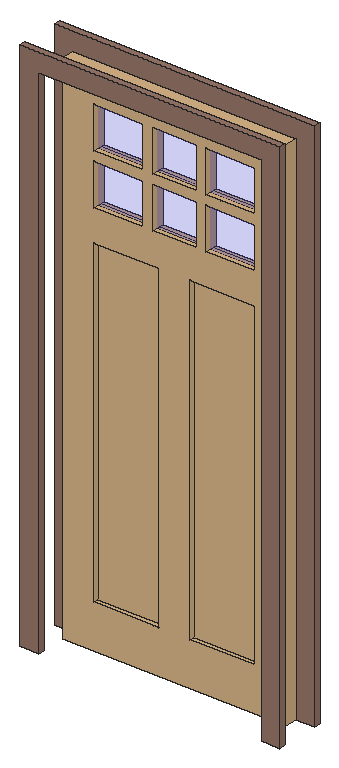
Revit family "0050_M_DR_W_single-entry 3", category 문, Revit 2026
Family settings
  호스트 = 벽
  항상 수직 = 예
  로드될 때 보이드를 사용하여 절단 = 아니오
  공유 = 아니오
  룸 계산 점 = 아니오
Parameters (values of type "36" x 84"")
  기능 = 내부
  Top Panel = 1' - 3"
  두께 = 0' - 2"
  Rail - Top = 0' - 5"
  Rail - Center = 0' - 5"
  Rail - Bottom = 0' - 7"
  조합 코드 = "C1020"
  Door Finish = Door - Panel
  Frame Finish = Door - Frame
  Height = 7' - 0"
  Muntin = 0' - 1 1/2"
  Stile Width = 0' - 5"
  Trim Projection Ext = 0' - 1"
  Trim Projection Int = 0' - 1"
  Trim Width = 0' - 3"
  벽 마무리 = 호스트별
  Width = 3' - 0"
Types (8): name | Top Panel | 두께 | Rail - Top | Rail - Center | Rail - Bottom | 조합 코드 | Height | Muntin | Stile Width | Trim Projection Ext | Trim Projection Int | Trim Width | Width
  36" x 84" | 1' - 3" | 0' - 2" | 0' - 5" | 0' - 5" | 0' - 7" | "C1020" | 7' - 0" | 0' - 1 1/2" | 0' - 5" | 0' - 1" | 0' - 1" | 0' - 3" | 3' - 0"
  34" x 84" | 1' - 3" | 0' - 2" | 0' - 5" | 0' - 5" | 0' - 7" | "C1020" | 7' - 0" | 0' - 1 1/2" | 0' - 5" | 0' - 1" | 0' - 1" | 0' - 3" | 2' - 10"
  32" x 84" | 1' - 3" | 0' - 2" | 0' - 5" | 0' - 5" | 0' - 7" | "C1020" | 7' - 0" | 0' - 1 1/2" | 0' - 5" | 0' - 1" | 0' - 1" | 0' - 3" | 2' - 8"
  30" x 84" | 1' - 3" | 0' - 2" | 0' - 5" | 0' - 5" | 0' - 7" | "C1020" | 7' - 0" | 0' - 1 1/2" | 0' - 5" | 0' - 1" | 0' - 1" | 0' - 3" | 2' - 6"
  30" x 80" | 1' - 3" | 0' - 2" | 0' - 5" | 0' - 5" | 0' - 7" | "C1020" | 6' - 8" | 0' - 1 1/2" | 0' - 5" | 0' - 1" | 0' - 1" | 0' - 3" | 2' - 6"
  36" x 80" | 1' - 3" | 0' - 2" | 0' - 5" | 0' - 5" | 0' - 7" | "C1020" | 6' - 8" | 0' - 1 1/2" | 0' - 5" | 0' - 1" | 0' - 1" | 0' - 3" | 3' - 0"
  34" x 80" | 1' - 3" | 0' - 2" | 0' - 5" | 0' - 5" | 0' - 7" | "C1020" | 6' - 8" | 0' - 1 1/2" | 0' - 5" | 0' - 1" | 0' - 1" | 0' - 3" | 2' - 10"
  0915 x 2134mm | 1' - 2.96063" | 0' - 1.9685" | 0' - 4.92126" | 0' - 4.92126" | 0' - 6.88976" | 0' - 0" | 7' - 0.01575" | 0' - 1.37795" | 0' - 4.92126" | 0' - 0.98425" | 0' - 0.98425" | 0' - 2.95276" | 3' - 0.02362"
Reference planes (in)
  plane 1: y = 0
  plane 2: z = 0
  plane 3: x = 1
  plane 4: x = -17
  plane 5: x = 19
  plane 6: z = 84
  plane 7: x = -1.5
  plane 8: x = 3.5
  plane 9: x = -12
  plane 10: x = 14
  plane 11: z = 64
  plane 12: z = 59
  plane 13: z = 79
  plane 14: z = 7
  plane 15: z = 71.5
  plane 16: x = 5.33333
  plane 17: x = -3.33333
  plane 18: x = -4.08333
  plane 19: x = -2.58333
  plane 20: x = 4.58333
  plane 21: x = 6.08333
  plane 22: z = 72.25
  plane 23: z = 70.75
Forms (in)
  Extrusion 1, solid, material "Door - Frame" <- "Frame Finish"
    sketch origin (-60, 3.00119, 0) x (-1, 0, 0) y (0, 0, 1)
      loop
        line (-82, 87) -> (-82, 0) -> (-79, 0) -> (-79, 84) -> (-43, 84) -> (-43, 0) -> (-40, 0) -> (-40, 87) -> (-82, 87)
    from 0 to 1
  Extrusion 2, solid, material "Door - Frame" <- "Frame Finish"
    sketch origin (-60, -2.99881, 0) x (1, 0, 0) y (0, 0, 1)
      loop
        line (40, 87) -> (40, 0) -> (43, 0) -> (43, 84) -> (79, 84) -> (79, 0) -> (82, 0) -> (82, 87) -> (40, 87)
    from 0 to 1
  Extrusion 3, solid, material "Door - Panel" <- "Door Finish"
    sketch origin (0, 0.0442, 0) x (0, 0, -1) y (1, 0, 0)
      loop
        line (-59, -12) -> (-7, -12) -> (-7, -1.5) -> (-59, -1.5) -> (-59, -12)
      loop
        line (-7, 14) -> (-59, 14) -> (-59, 3.5) -> (-7, 3.5) -> (-7, 14)
    from -2.20699 to -1.75268
  Extrusion 4, solid, material "Door - Panel" <- "Door Finish"
    sketch origin (0, 0, 0) x (0, 0, -1) y (1, 0, 0)
      loop
        line (-84, -17) -> (0, -17) -> (0, 19) -> (-84, 19) -> (-84, -17)
      loop
        line (-59, -12) -> (-7, -12) -> (-7, -1.5) -> (-59, -1.5) -> (-59, -12)
      loop
        line (-7, 14) -> (-59, 14) -> (-59, 3.5) -> (-7, 3.5) -> (-7, 14)
      loop
        line (-64, 14) -> (-70.75, 14) -> (-70.75, 6.08333) -> (-64, 6.08333) -> (-64, 14)
      loop
        line (-79, 14) -> (-79, 6.08333) -> (-72.25, 6.08333) -> (-72.25, 14) -> (-79, 14)
      loop
        line (-79, -12) -> (-72.25, -12) -> (-72.25, -4.08333) -> (-79, -4.08333) -> (-79, -12)
      loop
        line (-64, -12) -> (-64, -4.08333) -> (-70.75, -4.08333) -> (-70.75, -12) -> (-64, -12)
      loop
        line (-79, -2.58333) -> (-72.25, -2.58333) -> (-72.25, 4.58333) -> (-79, 4.58333) -> (-79, -2.58333)
      loop
        line (-64, 4.58333) -> (-70.75, 4.58333) -> (-70.75, -2.58333) -> (-64, -2.58333) -> (-64, 4.58333)
    from -3.00119 to -1.00119
  Extrusion 5, solid, material "Glass"
    sketch origin (0, 0, 0) x (0, 0, -1) y (1, 0, 0)
      loop
        line (-79, -12) -> (-72.25, -12) -> (-72.25, -4.08333) -> (-79, -4.08333) -> (-79, -12)
      loop
        line (-64, -12) -> (-64, -4.08333) -> (-70.75, -4.08333) -> (-70.75, -12) -> (-64, -12)
      loop
        line (-64, 14) -> (-70.75, 14) -> (-70.75, 6.08333) -> (-64, 6.08333) -> (-64, 14)
      loop
        line (-79, 14) -> (-79, 6.08333) -> (-72.25, 6.08333) -> (-72.25, 14) -> (-79, 14)
      loop
        line (-79, -2.58333) -> (-72.25, -2.58333) -> (-72.25, 4.58333) -> (-79, 4.58333) -> (-79, -2.58333)
      loop
        line (-64, 4.58333) -> (-70.75, 4.58333) -> (-70.75, -2.58333) -> (-64, -2.58333) -> (-64, 4.58333)
    from -2.25119 to -1.79687
Lines and regions (in)
  Opening 1
    outline origin (-60, -2.99881, 144) x (0, 0, -1) y (1, 0, 0)
      loop
        line (60, 43) -> (144, 43) -> (144, 79) -> (60, 79) -> (60, 43)
  symbolic lines, style "DoorsPanelProjection"
    curve 1: line (19, 3.00119, 0) -> (17, 3.00119, 0)
    curve 2: line (19, 3.00119, 0) -> (19, 39.00119, 0)
    curve 3: line (19, 39.00119, 0) -> (17, 39.00119, 0)
    curve 4: line (17, 3.00119, 0) -> (17, 39.00119, 0)
  model lines, style "DoorsFrameMullionProjection"
    curve 5: line (-20, -2.99881, 0) -> (-20, -2.99881, 87)
    curve 6: line (-20, -2.99881, 87) -> (22, -2.99881, 87)
    curve 7: line (22, -2.99881, 87) -> (22, -2.99881, 0)
    curve 8: line (22, 3.00119, 0) -> (22, 3.00119, 87)
    curve 9: line (-20, 3.00119, 87) -> (22, 3.00119, 87)
    curve 10: line (-20, 3.00119, 87) -> (-20, 3.00119, 0)
  symbolic lines, style "Elevation Swing"
    curve 11: line (-17, -2.99881, 84) -> (19, -2.99881, 42)
    curve 12: line (19, 3.00119, 42) -> (-17, 3.00119, 0)
  symbolic lines, style "Plan Swing"
    curve 13: arc (17, 39.00119, 0) -> (-7.19266, 27.77909, 0) -> (-17.05551, 3.00119, 0) r 36.05551
Dimensions and locks (in)
  equal spacing: plane 4, plane 3, plane 5
  "Width": plane 4 to plane 5
  locked: host wall to curve 1
  control icon elem to plane 5 = 0' - 11"
  "Height": plane 6 to plane 2
  "Trim Width": plane 4 to curve 5
  "Trim Width": plane 5 to curve 7
  "Trim Width": plane 6 to curve 6
  equal spacing: plane 6, curve 11, level
  locked: curve 9 to host wall
  "Stile Width": plane 4 to plane 9
  "Stile Width": plane 10 to plane 5
  "Rail - Center": plane 11 to plane 12
  "Stile Width": plane 7 to plane 8
  "두께": curve 4 to plane 5
  "Rail - Bottom": plane 14 to host wall
  equal spacing: plane 7, plane 3, plane 8
  "Trim Projection Int": Extrusion 2 to host wall
  "Trim Projection Ext": Extrusion 1 to host wall
  "Rail - Top": plane 6 to plane 13
  "두께": Extrusion 4 to Extrusion 4
  locked: Extrusion 4 to Extrusion 3 at 0.79568
  locked: Extrusion 4 to Extrusion 3 at 0.75
  "Top Panel": plane 13 to plane 11
  equal spacing: plane 9, plane 17, plane 16, plane 10
  equal spacing: plane 13, plane 15, plane 11
  equal spacing: plane 18, plane 17, plane 19
  "Muntin": plane 18 to plane 19
  equal spacing: plane 20, plane 16, plane 21
  "Muntin": plane 20 to plane 21
  "Muntin": plane 22 to plane 23
  equal spacing: plane 22, plane 15, plane 23
  aligned and locked: curve 7 to level
  aligned and locked: curve 8 to curve 7
  aligned and locked: plane 6 to curve 11
  aligned and locked: Extrusion 1 sketch curve to curve 10
  aligned and locked: Extrusion 1 sketch curve to curve 6
  aligned and locked: Extrusion 1 sketch curve to curve 7
  aligned and locked: level to plane 2
  aligned and locked: Extrusion 2 sketch curve to Extrusion 1
  aligned and locked: Extrusion 2 sketch curve to curve 5
  aligned and locked: Extrusion 2 sketch curve to curve 7
  aligned and locked: host wall to Extrusion 4 sketch curve  (x2)
  aligned and locked: Extrusion 4 sketch curve to host wall  (x2)
  aligned and locked: host wall to Extrusion 4
  aligned and locked: Extrusion 4 sketch curve to Extrusion 3  (x3)
  aligned and locked: Extrusion 3 to Extrusion 4 sketch curve
  aligned and locked: Extrusion 5 to Extrusion 3  (x2)
  aligned and locked: Extrusion 5 sketch curve to plane 11
  aligned and locked: plane 10 to Extrusion 5 sketch curve
Automatic sketch dimensions
  Opening 1 sketch curve to plane 6 = 0' - 0"
  Opening 1 sketch curve to level = 0' - 0"
  Opening 1 sketch curve to plane 4 = 0' - 0"
  Opening 1 sketch curve to plane 5 = 0' - 0"
  Extrusion 1 sketch curve to level = 0' - 0"  (x2)
  curve 12 to plane 5 = 0' - 0"
  curve 5 to level = 0' - 0"
  curve 8 to level = 0' - 0"
  curve 10 to level = 0' - 0"
  curve 12 to level = 0' - 0"
  curve 10 to curve 5 = 0' - 0"  (x2)
  curve 12 to plane 4 = 0' - 0"
  curve 11 to plane 4 = 0' - 0"
  Extrusion 2 sketch curve to plane 6 = 0' - 0"
  Extrusion 2 sketch curve to plane 5 = 0' - 0"
  Extrusion 2 sketch curve to level = 0' - 0"  (x2)
  Extrusion 2 sketch curve to plane 4 = 0' - 0"
  curve 1 to plane 5 = 0' - 0"
  curve 13 to plane 5 = 0' - 0"
  plane 4 to curve 13 = 0' - 0.05551"
  Extrusion 1 sketch curve to plane 5 = 0' - 0"
  Extrusion 1 sketch curve to plane 4 = 0' - 0"
  Extrusion 1 sketch curve to plane 6 = 0' - 0"
  Extrusion 5 sketch curve to plane 13 = 0' - 0"  (x3)
  Extrusion 5 sketch curve to plane 9 = 0' - 0"  (x2)
  Extrusion 5 sketch curve to plane 15 = 0' - 0 3/4"  (x3)
  plane 15 to Extrusion 5 sketch curve = 0' - 0 3/4"  (x3)
  plane 17 to Extrusion 5 sketch curve = 0' - 0 3/4"  (x2)
  Extrusion 5 sketch curve to plane 17 = 0' - 0 3/4"  (x2)
  plane 16 to Extrusion 5 sketch curve = 0' - 0 3/4"  (x2)
  Extrusion 5 sketch curve to plane 16 = 0' - 0 3/4"  (x2)
  Extrusion 5 sketch curve to plane 10 = 0' - 0"
  Extrusion 5 sketch curve to plane 11 = 0' - 0"  (x2)
  Extrusion 4 sketch curve to plane 13 = 0' - 0"  (x3)
  Extrusion 4 sketch curve to plane 9 = 0' - 0"  (x2)
  Extrusion 4 sketch curve to plane 21 = 0' - 0"  (x2)
  Extrusion 4 sketch curve to plane 22 = 0' - 0"  (x3)
  Extrusion 4 sketch curve to plane 19 = 0' - 0"  (x2)
  Extrusion 4 sketch curve to plane 23 = 0' - 0"  (x3)
  Extrusion 4 sketch curve to plane 20 = 0' - 0"  (x2)
  Extrusion 4 sketch curve to plane 10 = 0' - 0"  (x2)
  Extrusion 4 sketch curve to plane 11 = 0' - 0"  (x3)
  Extrusion 4 sketch curve to plane 8 = 0' - 0"
  Extrusion 4 sketch curve to plane 18 = 0' - 0"  (x2)
  Extrusion 4 sketch curve to plane 7 = 0' - 0"
  Extrusion 4 sketch curve to plane 12 = 0' - 0"
  Extrusion 4 sketch curve to plane 14 = 0' - 0"
  Extrusion 3 sketch curve to plane 10 = 0' - 0"
  Extrusion 3 sketch curve to plane 8 = 0' - 0"
  Extrusion 3 sketch curve to plane 12 = 0' - 0"  (x2)
  Extrusion 3 sketch curve to plane 9 = 0' - 0"
  Extrusion 3 sketch curve to plane 14 = 0' - 0"  (x2)
  Extrusion 3 sketch curve to plane 7 = 0' - 0"
  curve 11 to plane 5 = 0' - 0"
  curve 13 to host wall = 0' - 0"
  curve 12 to curve 11 = 0' - 0"
